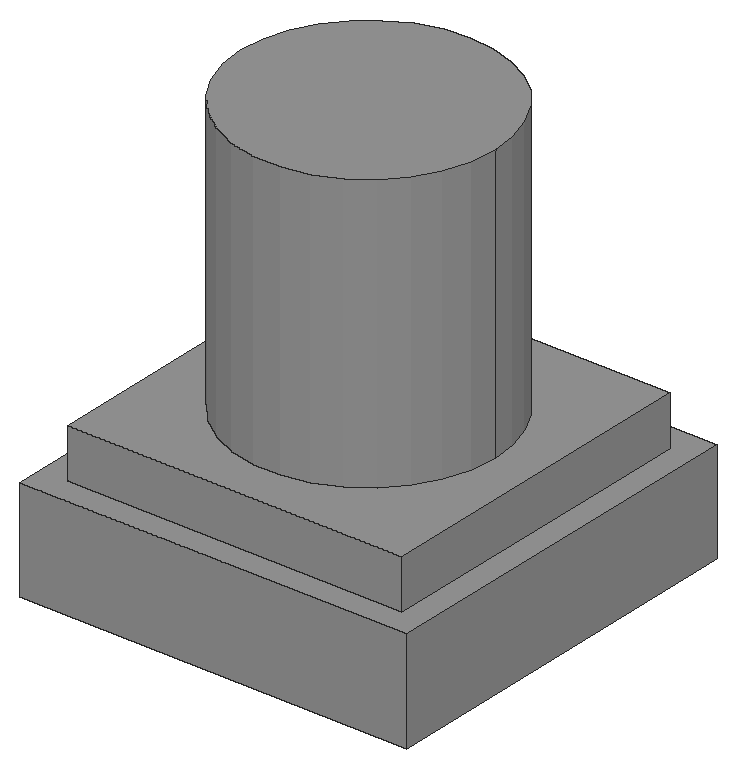
Revit family "VASARI 3 Square Fix Trim 02", category Lighting Fixtures, host Ceiling, Revit 2017
Family settings
  Host = Ceiling
  Round Connector Dimension = Use Diameter
  Part Type = Normal
  OmniClass Number = 23.80.70.11
  OmniClass Title = Luminaries for Internal Lighting
  Always vertical = Yes
  Cut with Voids When Loaded = No
  Light Source = Yes
  Shared = No
  Room Calculation Point = No
Parameters (values of type "50P")
  Wattage = 9.2903 W
  built-in parameter 1150110 = 1 (stored number, unit not read)
  built-in parameter 1114217 = 1 (stored number, unit not read)
  Tilt Angle = 90.00°
  built-in parameter 1150109 = 1 (stored number, unit not read)
  built-in parameter 1150134 = (empty or 0)
  built-in parameter 1150113 = 1 (stored number, unit not read)
  Photometric Web File = "ELR50P 35D.IES"
  Lumens = 1380 lm
  built-in parameter 1150115 = 1 (stored number, unit not read)
  built-in parameter 1150105 = 109.82 (stored number, unit not read)
  built-in parameter 1150137 = (empty or 0)
  built-in parameter 1150139 = (empty or 0)
  built-in parameter 1150112 = 1 (stored number, unit not read)
  built-in parameter 1150114 = 1 (stored number, unit not read)
  built-in parameter 1150132 = 2
  built-in parameter 1150102 = (empty or 0)
  built-in parameter 1150138 = (empty or 0)
  built-in parameter 1150107 = 3000 (stored number, unit not read)
  built-in parameter 1150106 = 1.0982 (stored number, unit not read)
  built-in parameter 1150104 = 13.8 (stored number, unit not read)
  Dimming Lamp Color Temperature Shift = <None>
  Color Filter = 16777215
  built-in parameter 1114218 = 1 (stored number, unit not read)
  built-in parameter 1150133 = 10 (stored number, unit not read)
Types (2): name
  Type 1
  50P
Reference planes
  plane 1 "Light Source Axis (F/B)": y = 0
  plane 2: z = 0
  plane 3 "Light Source Axis (L/R)": x = 0
  plane 4 "Ceiling": z = 4000
  plane 5 "Light Source Elevation": z = 4000
  plane 6 "Up": y = 50.5
  plane 7: y = -50.5
  plane 8 "Right": x = 50.5
  plane 9 "Left": x = -50.5
  plane 10: z = 4110
Forms (mm)
  Extrusion 1, solid, material "ELR Plastic, Opaque White"
    sketch origin (0, 0, 4000) x (0, 1, 0) y (-1, 0, 0)
      loop
        line (50.5, 50.5) -> (-50.5, 50.5) -> (-50.5, -50.5) -> (50.5, -50.5) -> (50.5, 50.5)
      loop
        line (43.227, 43.228) -> (-44, 43.228) -> (-44, -44) -> (43.227, -44) -> (43.227, 43.228)
    from -1.703 to 25
  Extrusion 2, solid, material "ELR Plastic, Opaque White"
    sketch origin (0, 0, 4000) x (0, 1, 0) y (-1, 0, 0)
      loop
        line (43.227, 43.228) -> (-44, 43.228) -> (-44, -44) -> (43.227, -44) -> (43.227, 43.228)
      loop
        circle (0, 0) r 33.227
    from 25 to 38
  Extrusion 3, solid, material "ELR Plastic, Opaque White"
    sketch origin (0.728, 0, 4000) x (0, 1, 0) y (-1, 0, 0)
      loop
        circle (0, 0.728) r 33.227
    from 38 to 110
  Extrusion 4, solid, material "ELR Light Emissive"
    sketch origin (0, 0, 4000) x (0, 1, 0) y (-1, 0, 0)
      loop
        line (43.227, -44) -> (43.227, 43.228) -> (-44, 43.228) -> (-44, -44) -> (43.227, -44)
    from 2 to 4
Cuts and joins
  joined: Extrusion 2, Extrusion 3
Lines and regions (mm)
  Opening 1
    outline origin (0, 0, 4000) x (1, 0, 0) y (0, 1, 0)
      loop
        line (-42.874, 42.874) -> (-42.874, -42.874) -> (42.874, -42.874) -> (42.874, 42.874) -> (-42.874, 42.874)
Dimensions and locks
  equal spacing: host sketch curve, plane 3 "Light Source Axis (L/R)", host sketch curve
  equal spacing: host sketch curve, plane 1 "Light Source Axis (F/B)", host sketch curve
  host sketch curve to host sketch curve = 4000 mm  (x2)
  plane 4 "Ceiling" to host ceiling = 0 mm
  plane 9 "Left" to plane 8 "Right" = 101 mm
  plane 6 "Up" to plane 7 = 101 mm
  imposter light to plane 10 = 110 mm
  plane 8 "Right" to plane 9 "Left" = 101 mm
  aligned and locked: plane 3 "Light Source Axis (L/R)" to imposter light
  aligned and locked: plane 1 "Light Source Axis (F/B)" to imposter light
  aligned and locked: plane 5 "Light Source Elevation" to imposter light
  aligned and locked: plane 10 to cut or joined group of Extrusion 2, Extrusion 3
